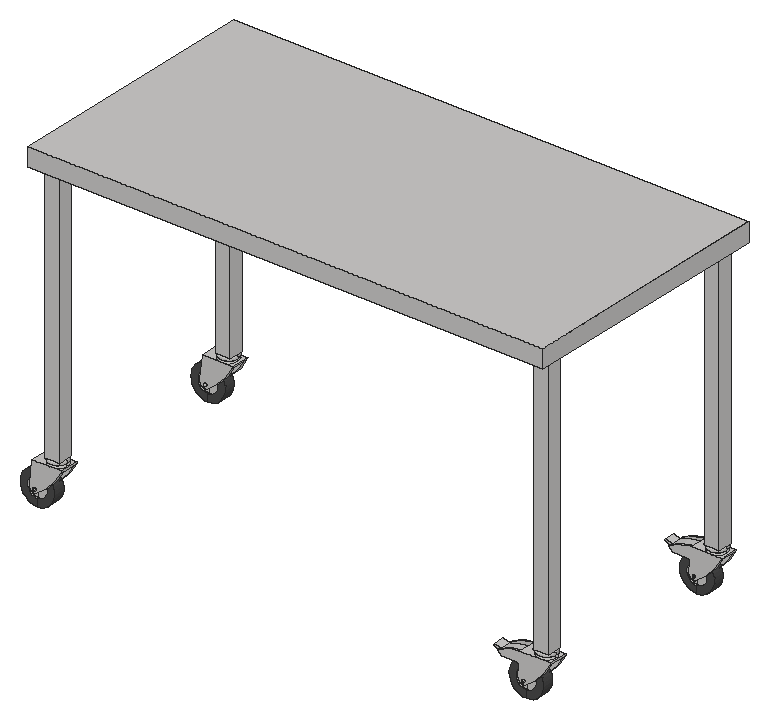
Revit family "QF_ZANUSSI_132836_TG1400PR", category Attrezzature speciali, Revit 2020
Family settings
  Quota connettore circolare = Usa diametro
  Tipo di parte = Normale
  Basato su piano di lavoro = No
  Sempre verticale = Sì
  Taglio con vuoti quando caricato = No
  Condiviso = No
  Punto di calcolo locali = No
Parameters (values of type "Standard")
  Weight = 33.00 kg
  Watts = 0 W
  Volts = 0 V
  URL Manufacturer = "http://www.zanussiprofessional.com"
  URL = "http://www.zanussiprofessional.com"
  Steam Supply Size = 0 mm
  Steam Supply Minimum Pressure = 0.0 Pa
  Steam Supply Maximum Pressure = 0.0 Pa
  Steam Consumption per Hour = 0
  Refrigeration Suction Line Size = 0.0 mm
  Refrigeration Liquid Line Size = 0.0 mm
  Refrigerant Compressor Remote = yes
  Prospetto di default = 0.0 mm
  Produttore = "Zanussi"
  Phase = 0
  Modello = "TG1400PR"
  Length Actual = 1400.0 mm  # constant formula
  Item Number = "132836"
  Hot Water Size = 0 mm
  Height Actual = 900.0 mm  # constant formula
  HP = "0 HP"
  Gas Size = 0 mm
  Gas KW = 0
  Gas Input Pressure = 0 W
  Direct Waste Size = 0 mm
  Descrizione = "WORK TABLE ON WHEELS 1400MM H900"
  Depth Actual = 700.0 mm  # constant formula
  Cycle = 0 Hz
  Condensate Return Size = 0 mm
  Compressed Air Volume = 0.0 L/s
  Compressed Air Size = 0 mm
  Compressed Air Pressure = 0.0 Pa
  Cold Water Size = 0 mm
  Accessory = yes
Reference planes
  plane 1 "Center (Front/Back)": y = 0
  plane 2: z = 0
  plane 3 "Center (Left/Right)": x = -100
  plane 4 "LEFT": x = -800
  plane 5 "RIGHT": x = 600
  plane 6 "BACK": y = 350
  plane 7 "FRONT": y = -350
  plane 8 "Base": z = 850
  plane 9 "TOP": z = 900
  plane 10: x = -764.5
  plane 11: x = 564.5
  plane 12: y = 290
  plane 13: y = -290
Forms (mm)
  Extrusion 1, solid, material "QF_Finishes_Stainless Steel"
    sketch origin (0, 0, 900) x (0, 1, 0) y (-1, 0, 0)
      loop
        line (350, 800) -> (-350, 800) -> (-350, -600) -> (350, -600) -> (350, 800)
    from 0 to -50
  Extrusion 2, solid, material "QF_Finishes_Stainless Steel"
    sketch origin (-100, 0, 0) x (0, 1, 0) y (0, 0, 1)
      loop
        line (350, 900) -> (-350, 900) -> (-350, 850) -> (350, 850) -> (350, 900)
    from 700 to -700
Lines and regions (mm)
  symbolic lines
    curve 1: line (600, 350, 900) -> (-800, 350, 900)
    curve 2: line (-800, 350, 900) -> (-800, -350, 900)
    curve 3: line (-800, -350, 900) -> (600, -350, 900)
    curve 4: line (600, -350, 900) -> (600, 350, 900)
Dimensions and locks
  plane 4 "LEFT" to plane 5 "RIGHT" = 1400.0 mm
  equal spacing: plane 4 "LEFT", plane 3 "Center (Left/Right)", plane 5 "RIGHT"
  equal spacing: plane 6 "BACK", plane 1 "Center (Front/Back)", plane 7 "FRONT"
  plane 6 "BACK" to plane 7 "FRONT" = 700.0 mm
  plane 8 "Base" to level = 850.0 mm
  plane 9 "TOP" to level = 900.0 mm
  plane 6 "BACK" to plane 12 = 60.0 mm
  plane 13 to plane 7 "FRONT" = 60.0 mm
  plane 4 "LEFT" to plane 10 = 35.5 mm
  plane 11 to plane 5 "RIGHT" = 35.5 mm
  plane 10 to plane 11 = 1329.0 mm
  plane 12 to plane 13 = 580.0 mm
  aligned and locked: level to plane 2
  aligned and locked: plane 10 to nested 1
  aligned and locked: nested 1 to plane 13
  aligned and locked: plane 11 to nested 2
  aligned and locked: nested 2 to plane 13
  aligned and locked: plane 11 to nested 4
  aligned and locked: nested 4 to plane 12
  aligned and locked: plane 10 to nested 3
  aligned and locked: nested 3 to plane 12
  aligned and locked: Extrusion 1 sketch curve to plane 6 "BACK"
  aligned and locked: Extrusion 1 sketch curve to plane 4 "LEFT"
  aligned and locked: Extrusion 1 sketch curve to plane 7 "FRONT"
  aligned and locked: Extrusion 1 sketch curve to plane 5 "RIGHT"
  aligned and locked: plane 12 to nested 6
  aligned and locked: plane 11 to nested 6
  aligned and locked: plane 13 to nested 5
  aligned and locked: plane 10 to nested 5
  aligned and locked: plane 12 to nested 7
  aligned and locked: plane 10 to nested 7
  aligned and locked: plane 11 to nested 8
  aligned and locked: plane 13 to nested 8
  aligned and locked: Extrusion 2 sketch curve to plane 6 "BACK"
  aligned and locked: Extrusion 2 sketch curve to plane 9 "TOP"
  aligned and locked: plane 8 "Base" to Extrusion 2 sketch curve
  aligned and locked: plane 7 "FRONT" to Extrusion 2 sketch curve
  aligned and locked: Extrusion 2 to plane 4 "LEFT"
  aligned and locked: plane 5 "RIGHT" to Extrusion 2
  aligned and locked: plane 6 "BACK" to Extrusion 2
  aligned and locked: Extrusion 2 to plane 7 "FRONT"
Automatic sketch dimensions
  curve 2 to plane 4 "LEFT" = 0.0 mm
  curve 2 to plane 7 "FRONT" = 0.0 mm
  curve 2 to plane 6 "BACK" = 0.0 mm
  curve 1 to plane 5 "RIGHT" = 0.0 mm
Nested families
  nested 1: "FEET_40x40_WHEEL" at (-764.5, -290, 0), type "FEET_40x40_WHEEL"
  nested 2: "FEET_40x40_WHEEL" at (564.5, -290, 0), type "FEET_40x40_WHEEL"
  nested 3: "FEET_40x40_WHEEL" at (-764.5, 290, 0), type "FEET_40x40_WHEEL"
  nested 4: "FEET_40x40_WHEEL" at (564.5, 290, 0), type "FEET_40x40_WHEEL"
  nested 5: "WHEEL130" at (-764.5, -190.35, 0), type "WHEEL130"
    with Type Mark "", Status "", Specification by User "", Revision Code "", Installed By "", Identify Quantity as Lot yes, Furnished By "", Foodservice Equipment Identifier yes
  nested 6: "WHEEL130_LOCKED" at (564.5, 389.65, 0), type "WHEEL130_LOCKED"
    with Type Mark "", Status "", Specification by User "", Revision Code "", Installed By "", Identify Quantity as Lot yes, Furnished By "", Foodservice Equipment Identifier yes
  nested 7: "WHEEL130" at (-764.5, 389.65, 0), type "WHEEL130"
    with Type Mark "", Status "", Specification by User "", Revision Code "", Installed By "", Identify Quantity as Lot yes, Furnished By "", Foodservice Equipment Identifier yes
  nested 8: "WHEEL130_LOCKED" at (564.5, -190.35, 0), type "WHEEL130_LOCKED"
    with Type Mark "", Status "", Specification by User "", Revision Code "", Installed By "", Identify Quantity as Lot yes, Furnished By "", Foodservice Equipment Identifier yes
Definition of nested family "FEET_40x40_WHEEL"
  Parameters
    Default Elevation = 0.0 mm
    FEET = 850.0 mm
  Reference planes
    plane 1 "Center (Front/Back)": y = 0
    plane 2: z = 0
    plane 3 "Center (Left/Right)": x = 0
    plane 4: z = 850
  Forms (mm)
    Extrusion 1, solid
      sketch origin (0, 0, 0) x (1, 0, 0) y (0, 1, 0)
        loop
          line (-20, -20) -> (20, -20) -> (20, 20) -> (-20, 20) -> (-20, -20)
      from 130 to 845
    Extrusion 2, solid
      sketch origin (0, 0, 0) x (1, 0, 0) y (0, 1, 0)
        loop
          line (30, 30) -> (-30, 30) -> (-30, -30) -> (30, -30) -> (30, 30)
      from 845 to 850
  Lines and regions (mm)
    symbolic lines
      curve 1: line (0, -1.503, 0) -> (0, 1.508, 0)
      curve 2: line (1.561, 0, 0) -> (-1.439, 0, 0)
  Dimensions and locks
    "FEET": plane 4 to plane 2
    aligned and locked: level to plane 2
  Automatic sketch dimensions
    Extrusion 1 sketch curve to plane 3 "Center (Left/Right)" = 20.0 mm
    plane 3 "Center (Left/Right)" to Extrusion 1 sketch curve = 20.0 mm
    plane 1 "Center (Front/Back)" to Extrusion 1 sketch curve = 20.0 mm
    Extrusion 1 sketch curve to plane 1 "Center (Front/Back)" = 20.0 mm
    plane 3 "Center (Left/Right)" to Extrusion 2 sketch curve = 30.0 mm
    Extrusion 2 sketch curve to plane 1 "Center (Front/Back)" = 30.0 mm
    Extrusion 2 sketch curve to plane 3 "Center (Left/Right)" = 30.0 mm
    plane 1 "Center (Front/Back)" to Extrusion 2 sketch curve = 30.0 mm
    plane 1 "Center (Front/Back)" to curve 2 = 0.0 mm
    curve 1 to plane 3 "Center (Left/Right)" = 0.0 mm
    curve 2 to plane 3 "Center (Left/Right)" = 1.439 mm
    plane 3 "Center (Left/Right)" to curve 2 = 1.561 mm
    plane 1 "Center (Front/Back)" to curve 1 = 1.503 mm
    curve 1 to plane 1 "Center (Front/Back)" = 1.508 mm
Definition of nested family "WHEEL130"
  Parameters
    Weight = ""
    URL Manufacturer = ""
    URL Cutsheet = ""
    URL = ""
    Type Mark [instance] = ""
    Status [instance] = ""
    Specification by User [instance] = ""
    Specification by Manufacturer = ""
    Serial Number = ""
    Seismic Rating = ""
    SMACNA No = ""
    Revision Code [instance] = ""
    Default Elevation = 0.0 mm
    Omniclass Number and Title = ""
    NAFEM Spec ID Number = ""
    Model = ""
    MasterSpec. = ""
    Manufacturer = ""
    Installed By [instance] = ""
    Identify Quantity as Lot [instance] = yes
    Furnished By [instance] = ""
    Foodservice Equipment Identifier [instance] = yes
    Description = ""
    CSI MasterFormat = ""
    CSI Master Format = ""
    Assembly Code = ""
  Reference planes
    plane 1: z = 0
    plane 2 "Center (Front/Back)": y = -99.65
    plane 3 "Center (Left/Right)": x = 0
    plane 4 "TOP": z = 130
    plane 5 "Center X Caster": x = -44
  Forms (mm)
    Revolve 1, solid
      sketch origin (-44, -53.609, -25.504) x (0, -1, 0) y (0, 0, 1)
        loop
          line (26.04, 72.523) -> (26.04, 66.136) -> (35.372, 66.136) -> (35.372, 45.418) -> (31.533, 45.418) -> (31.533, 25.504) -> (60.548, 25.504) -> (60.548, 45.418) -> (56.709, 45.418) -> (56.709, 66.136) -> (66.04, 66.136) -> (66.04, 72.523) -> (26.04, 72.523)
        loop
          line (71.04, 69.259) -> (72.755, 69.259) -> (74.056, 70.56) -> (74.056, 72.523) -> (71.04, 72.523) -> (71.04, 69.259)
        loop
          line (21.099, 69.259) -> (21.099, 72.523) -> (18.053, 72.523) -> (18.053, 70.56) -> (19.353, 69.259) -> (21.099, 69.259)
        axis (18.053, 72.523) -> (74.056, 72.523)
      angle from 0 to 360
    Extrusion 2, solid
      sketch origin (0, -99.65, 0) x (-1, 0, 0) y (0, 0, 1)
        loop
          line (51.098, 117.019) -> (-30.875, 117.019) -> (-30.453, 113.093)
          arc (-30.453, 113.093) -> (-1.61, 71.515) -> (37.622, 39.556) r 180.858
          arc (37.622, 39.556) -> (51.933, 40.484) -> (57.92, 53.515) r 14
          line (57.92, 53.515) -> (51.098, 117.019)
        loop
          circle (44, 47.019) r 3.264
      from -20 to -25
    Extrusion 3, solid
      sketch origin (0, -99.65, 0) x (-1, 0, 0) y (0, 0, 1)
        loop
          line (51.098, 117.019) -> (-30.875, 117.019) -> (-30.453, 113.093)
          arc (-30.453, 113.093) -> (-1.61, 71.515) -> (37.622, 39.556) r 180.858
          arc (37.622, 39.556) -> (51.933, 40.484) -> (57.92, 53.515) r 14
          line (57.92, 53.515) -> (51.098, 117.019)
        loop
          circle (44, 47.019) r 3.264
      from 20 to 25
    Revolve 4, solid
      sketch origin (0, -99.65, 0) x (-1, 0, 0) y (0, 0, 1)
        loop
          line (0, 130) -> (-20, 130)
          arc (-20, 130) -> (-23.905, 128.171) -> (-25, 124) r 5.083
          line (-25, 124) -> (-22.422, 124) -> (-22.422, 121.88) -> (-24.688, 117.019) -> (0, 117.019) -> (0, 130)
        axis (0, 130) -> (0, 117.019)
      angle from 0 to 360
    Extrusion 5, solid
      sketch origin (0, -99.65, 0) x (-1, 0, 0) y (0, 0, 1)
        loop
          line (-30.875, 117.019) -> (-30.453, 113.093) -> (51.519, 113.093) -> (51.098, 117.019) -> (-30.875, 117.019)
      from -20 to 20
  Cuts and joins
    joined: Extrusion 2, Extrusion 3, Extrusion 5
  Lines and regions (mm)
    symbolic lines
      curve 1: line (-10, -99.65, 0) -> (10, -99.65, 0)
      curve 2: line (0, -108.445, 0) -> (0, -90.405, 0)
  Dimensions and locks
    plane 4 "TOP" to level = 130.0 mm  (x3)
    aligned and locked: level to plane 1
Definition of nested family "WHEEL130_LOCKED"
  Parameters
    Weight = ""
    URL Manufacturer = ""
    URL Cutsheet = ""
    URL = ""
    Type Mark [instance] = ""
    Status [instance] = ""
    Specification by User [instance] = ""
    Specification by Manufacturer = ""
    Serial Number = ""
    Seismic Rating = ""
    SMACNA No = ""
    Revision Code [instance] = ""
    Default Elevation = 0.0 mm
    Omniclass Number and Title = ""
    NAFEM Spec ID Number = ""
    Model = ""
    MasterSpec. = ""
    Manufacturer = ""
    Installed By [instance] = ""
    Identify Quantity as Lot [instance] = yes
    Furnished By [instance] = ""
    Foodservice Equipment Identifier [instance] = yes
    Description = ""
    CSI MasterFormat = ""
    CSI Master Format = ""
    Assembly Code = ""
  Reference planes
    plane 1: z = 0
    plane 2 "Center (Front/Back)": y = -99.65
    plane 3 "Center (Left/Right)": x = 0
    plane 4 "TOP": z = 130
    plane 5 "Center X Caster": x = -44
  Forms (mm)
    Revolve 1, solid
      sketch origin (-44, -53.609, -25.504) x (0, -1, 0) y (0, 0, 1)
        loop
          line (26.04, 72.523) -> (26.04, 66.136) -> (35.372, 66.136) -> (35.372, 45.418) -> (31.533, 45.418) -> (31.533, 25.504) -> (60.548, 25.504) -> (60.548, 45.418) -> (56.709, 45.418) -> (56.709, 66.136) -> (66.04, 66.136) -> (66.04, 72.523) -> (26.04, 72.523)
        loop
          line (71.04, 69.259) -> (72.755, 69.259) -> (74.056, 70.56) -> (74.056, 72.523) -> (71.04, 72.523) -> (71.04, 69.259)
        loop
          line (21.099, 69.259) -> (21.099, 72.523) -> (18.053, 72.523) -> (18.053, 70.56) -> (19.353, 69.259) -> (21.099, 69.259)
        axis (18.053, 72.523) -> (74.056, 72.523)
      angle from 0 to 360
    Extrusion 2, solid
      sketch origin (0, -99.65, 0) x (-1, 0, 0) y (0, 0, 1)
        loop
          line (56.125, 117.019) -> (-30.875, 117.019) -> (-30.453, 113.093)
          arc (-30.453, 113.093) -> (-1.61, 71.515) -> (37.622, 39.556) r 180.858
          arc (37.622, 39.556) -> (51.933, 40.484) -> (57.92, 53.515) r 14
          line (57.92, 53.515) -> (55.234, 78.516)
          arc (55.234, 78.516) -> (57.071, 84.203) -> (62.528, 86.637) r 7.337
          line (62.528, 86.637) -> (102.952, 86.637) -> (113.559, 97.243)
          arc (113.559, 97.243) -> (85.909, 110.231) -> (56.125, 117.019) r 142.32
        loop
          circle (44, 47.019) r 3.264
      from -20 to -25
    Extrusion 3, solid
      sketch origin (0, -99.65, 0) x (-1, 0, 0) y (0, 0, 1)
        loop
          line (56.125, 117.019) -> (-30.875, 117.019) -> (-30.453, 113.093)
          arc (-30.453, 113.093) -> (-1.61, 71.515) -> (37.622, 39.556) r 180.858
          arc (37.622, 39.556) -> (51.933, 40.484) -> (57.92, 53.515) r 14
          line (57.92, 53.515) -> (55.234, 78.516)
          arc (55.234, 78.516) -> (57.071, 84.203) -> (62.528, 86.637) r 7.337
          line (62.528, 86.637) -> (102.952, 86.637) -> (113.559, 97.243)
          arc (113.559, 97.243) -> (85.909, 110.231) -> (56.125, 117.019) r 142.32
        loop
          circle (44, 47.019) r 3.264
      from 20 to 25
    Extrusion 4, solid
      sketch origin (0, -99.65, 0) x (-1, 0, 0) y (0, 0, 1)
        loop
          line (133.012, 98.841) -> (130.309, 103.34) -> (113.559, 97.243)
          arc (113.559, 97.243) -> (84.897, 105.851) -> (55.427, 111.06) r 256.377
          line (55.427, 111.06) -> (44.82, 111.06)
          arc (44.82, 111.06) -> (37.781, 106.584) -> (38.85, 98.311) r 7.772
          line (38.85, 98.311) -> (105.452, 92.484) -> (114.112, 87.484) -> (133.012, 98.841)
        loop
          circle (44, 105.324) r 3.494
      from -14.507 to 14.507
    Extrusion 5, solid
      sketch origin (0, -99.65, 0) x (-1, 0, 0) y (0, 0, 1)
        loop
          circle (44, 105.324) r 3.494
      from -20 to 20
    Revolve 6, solid
      sketch origin (0, -99.65, 0) x (-1, 0, 0) y (0, 0, 1)
        loop
          line (0, 130) -> (-20, 130)
          arc (-20, 130) -> (-23.905, 128.171) -> (-25, 124) r 5.083
          line (-25, 124) -> (-22.422, 124) -> (-22.422, 121.88) -> (-24.688, 117.019) -> (0, 117.019) -> (0, 130)
        axis (0, 130) -> (0, 117.019)
      angle from 0 to 360
    Extrusion 7, solid
      sketch origin (0, -99.65, 0) x (-1, 0, 0) y (0, 0, 1)
        loop
          line (-30.875, 117.019) -> (-30.453, 113.093) -> (51.519, 113.093) -> (51.098, 117.019) -> (-30.875, 117.019)
      from -20 to 20
  Cuts and joins
    joined: Extrusion 2, Extrusion 3, Extrusion 7
  Lines and regions (mm)
    symbolic lines
      curve 1: line (11.908, -99.65, 0) -> (-11.403, -99.65, 0)
      curve 2: line (0, -111.652, 0) -> (0, -88.928, 0)
  Dimensions and locks
    plane 4 "TOP" to level = 130.0 mm  (x3)
    aligned and locked: level to plane 1
